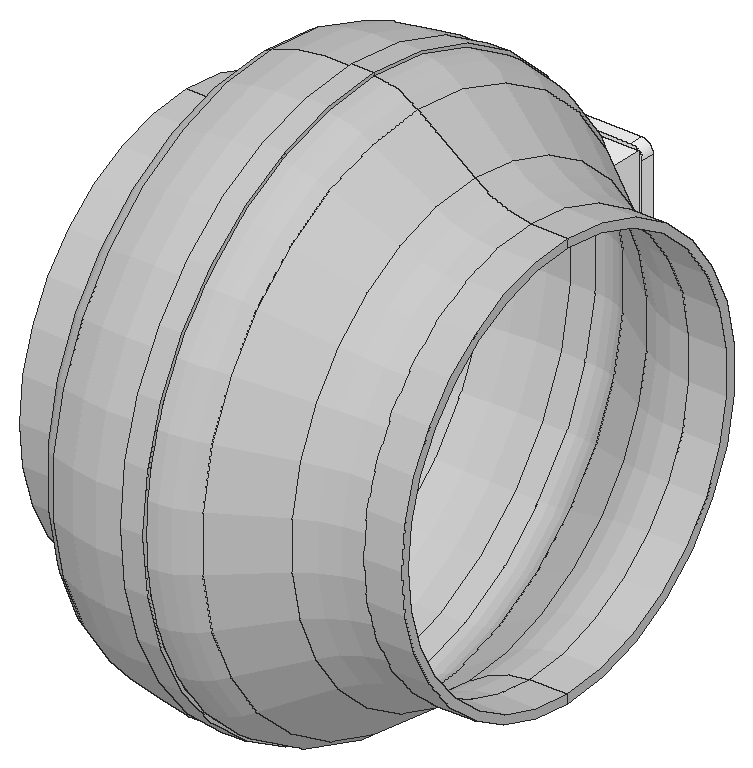
Revit family "CK 250 B EC_7001048", category Mechanical Equipment, Revit 2014
Parameters (values of type "CK 250 B EC")
  Wiring diagram = "4040143"
  Weight = 4.10 kg
  Voltage range = "200-240 / 50/60 V/Hz"
  Voltage = 230 V
  Speed = "3330 rpm"
  Sound pressure level at 3 m = "46 dB(A)"
  Power = 155 W
  Phase = 1
  Max. temperature of transported air when speed controlled = 60 °C
  Max. temperature of transported air = 60 °C
  Main Material = Steel, Galvanized
  Frequency = 50 Hz
  Elevation [instance] = 2772.5 mm
  Diameter = 249 mm
  Current = 1.25 A
  Capacitor = "- μF"
Reference planes
  plane 1 "Center (Front/Back)": y = 0
  plane 2: z = 0
  plane 3 "Center (Left/Right)": x = 0
  plane 4: z = 2772.5
Dimensions and locks
  "Elevation": plane 4 to plane 2
  aligned and locked: level to plane 2
  aligned and locked: plane 1 "Center (Front/Back)" to nested 1
  aligned and locked: plane 3 "Center (Left/Right)" to nested 1
  aligned and locked: plane 1 "Center (Front/Back)" to nested 2
  aligned and locked: plane 3 "Center (Left/Right)" to nested 2
  aligned and locked: nested 1 to plane 4
Nested families
  nested 1: "CK 250 A AC_CK 250 B ErP AC_CK 250 A EC_CK 250 B EC_geometry" at (0, 0, 2600), type "CK 250 A AC_CK 250 B ErP AC_CK 250 A EC_CK 250 B EC_geometry"
  nested 2: "Flow direction symbol" at (0, 0, 0), type "Flow direction symbol"
Connectors
  hvac at (-114, 0, 2772.5), driven by "Diameter"
    settings: on nested 1, index 1, duct flow 0.0 L/s, flow factor 0, pres drop 0.0 Pa, loss coef 0, conn angle 0.00°, conn width 304.8 mm, conn height 304.8 mm, conn diameter 249 mm, duct sys type 1, conn prof type 0, flow config 0, flow direction 1, loss method 0, conn ref index -1, conn util no, is conn primary yes, conn desc ""
  hvac at (114, 0, 2772.5), driven by "Diameter"
    settings: on nested 1, index 2, duct flow 0.0 L/s, flow factor 0, pres drop 0.0 Pa, loss coef 0, conn angle 0.00°, conn width 304.8 mm, conn height 304.8 mm, conn diameter 249 mm, duct sys type 3, conn prof type 0, flow config 0, flow direction 2, loss method 0, conn ref index -1, conn util no, is conn primary no, conn desc ""
  electrical at (-52.252, 213.31, 2772.509), driven by "Phase", driven by "Voltage"
    settings: on nested 1, index 3, voltage 230 V, apparent load 0 VA, apparent load phase1 0 VA, apparent load phase2 0 VA, apparent load phase3 0 VA, power factor 1, load classification "Other", number of poles 1, system type 31, power factor state 1, is connector primary yes, connector utility no, sub classification motor no, connector description ""
Definition of nested family "CK 250 A AC_CK 250 B ErP AC_CK 250 A EC_CK 250 B EC_geometry"
  Parameters (values of type "CK 250 A AC_CK 250 B ErP AC_CK 250 A EC_CK 250 B EC_geometry")
    Main Material = Steel, Galvanized
  Reference planes
    plane 1 "Center (Front/Back)": y = 0
    plane 2: z = 0
    plane 3 "Center (Left/Right)": x = 0
    plane 4: z = 172.5
    plane 5: y = 213.31
    plane 6: y = 172.5
    plane 7: y = -172.5
    plane 8: x = -114
    plane 9: x = 114
    plane 10: z = 345
  Forms (mm)
    Revolve 1, solid, material "Steel, Galvanized" <- "Main Material", detail levels coarse
      sketch origin (0, 0, 0) x (1, 0, 0) y (0, 0, 1)
        loop
          arc (-55.46, 5.963) -> (-35.501, 2.961) -> (-15.481, 0.401) r 915.775
          arc (-15.481, 0.401) -> (-8.934, 0.051) -> (-2.396, 0.525) r 52.168
          arc (-2.396, 0.525) -> (11.553, 3.79) -> (24.64, 9.619) r 75.85
          line (24.64, 9.619) -> (60.578, 36.7)
          arc (60.578, 36.7) -> (75.243, 44.665) -> (91.594, 48) r 56.51
          line (91.594, 48) -> (114, 48) -> (114, 172.5) -> (-114, 172.5) -> (-114, 48) -> (-86.131, 48)
          arc (-86.131, 48) -> (-82.694, 46.969) -> (-80.391, 44.218) r 6.246
          line (-80.391, 44.218) -> (-77.833, 32.183)
          arc (-77.833, 32.183) -> (-71.463, 14.964) -> (-55.46, 5.963) r 26.623
        axis (-114, 172.5) -> (114, 172.5)
      angle from 0 to 360
    Extrusion 2, solid, material "Plastic", detail levels medium+fine
      sketch origin (-8.75, 53.648, 50) x (1, 0, 0) y (0, 0, 1)
        loop
          line (-4.004, 163.259) -> (-83, 163.259)
          arc (-83, 163.259) -> (-87.95, 161.209) -> (-90, 156.259) r 7
          line (-90, 156.259) -> (-90, 90.259)
          arc (-90, 90.259) -> (-87.071, 83.188) -> (-80, 80.259) r 10
          line (-80, 80.259) -> (-7.004, 80.259)
          arc (-7.004, 80.259) -> (0.067, 83.188) -> (2.996, 90.259) r 10
          line (2.996, 90.259) -> (2.996, 156.259)
          arc (2.996, 156.259) -> (0.945, 161.209) -> (-4.004, 163.259) r 7
      from -159.662 to -151.628
    Extrusion 3, solid, material "Plastic", detail levels medium+fine
      sketch origin (-8.75, 53.648, 50) x (0, 1, 0) y (0, 0, 1)
        loop
          line (118.852, 161.259) -> (118.852, 81.741) -> (151.628, 81.741) -> (151.628, 161.259) -> (118.852, 161.259)
      from -88 to 1
    Revolve 4, solid, material "Steel, Galvanized" <- "Main Material", detail levels medium+fine
      sketch origin (0, 0, 0) x (1, 0, 0) y (0, 0, 1)
        loop
          line (114, 172.5) -> (-114, 172.5) -> (-114, 48) -> (-85.665, 48)
          arc (-85.665, 48) -> (-81.849, 46.666) -> (-79.695, 43.244) r 6.125
          line (-79.695, 43.244) -> (-77.706, 29.09)
          arc (-77.706, 29.09) -> (-72.684, 16.727) -> (-62.412, 8.208) r 27.371
          arc (-62.412, 8.208) -> (-39.338, 2.131) -> (-15.481, 1.686) r 100.136
          line (-15.481, 1.686) -> (-15.481, 0) -> (-2.012, 0) -> (-2.012, 1.772)
          arc (-2.012, 1.772) -> (12.005, 3.688) -> (24.23, 10.808) r 36.366
          line (24.23, 10.808) -> (58.03, 35.365)
          arc (58.03, 35.365) -> (74.007, 43.963) -> (91.695, 48) r 67.581
          line (91.695, 48) -> (114, 48) -> (114, 172.5)
        axis (114, 172.5) -> (-114, 172.5)
      angle from 0 to 360
    Revolve 5, void
      sketch origin (0, 0, 0) x (1, 0, 0) y (0, 0, 1)
        loop
          line (114, 172.5) -> (-114, 172.5) -> (-114, 53) -> (-85.665, 53)
          arc (-85.665, 53) -> (-78.638, 50.499) -> (-74.77, 44.121) r 11.125
          line (-74.77, 44.121) -> (-72.755, 29.786)
          arc (-72.755, 29.786) -> (-68.699, 19.749) -> (-60.405, 12.791) r 22.371
          arc (-60.405, 12.791) -> (-38.561, 7.071) -> (-15.984, 6.66) r 95.136
          line (-15.984, 6.66) -> (-1.713, 6.763)
          arc (-1.713, 6.763) -> (10.485, 8.453) -> (21.092, 14.709) r 31.366
          line (21.092, 14.709) -> (55.091, 39.41)
          arc (55.091, 39.41) -> (72.357, 48.684) -> (91.475, 53) r 72.581
          line (91.475, 53) -> (114, 53) -> (114, 172.5)
        axis (114, 172.5) -> (-114, 172.5)
      angle from 0 to 360
  Cuts and joins
    Revolve 5 cuts Revolve 4
  Dimensions and locks
    plane 6 to plane 7 = 345 mm
    aligned and locked: level to plane 2
Definition of nested family "Flow direction symbol"
  Parameters (values of type "Flow direction symbol")
    Warning = "!"
    Text = "DIMENSIONS OVERCONSTRAINT"
  Reference planes
    plane 1: y = 0
    plane 2: x = 0
  Lines and regions (mm)
    detail lines
      curve 1: line (-0.506, 0.877, 0) -> (-0.506, -0.877, 0)
      curve 2: line (1.012, 0, 0) -> (-0.506, -0.877, 0)
      curve 3: line (-0.506, 0.877, 0) -> (1.012, 0, 0)
      curve 4: circle (0, 0, 0) r 1 normal (0, 0, 1)
